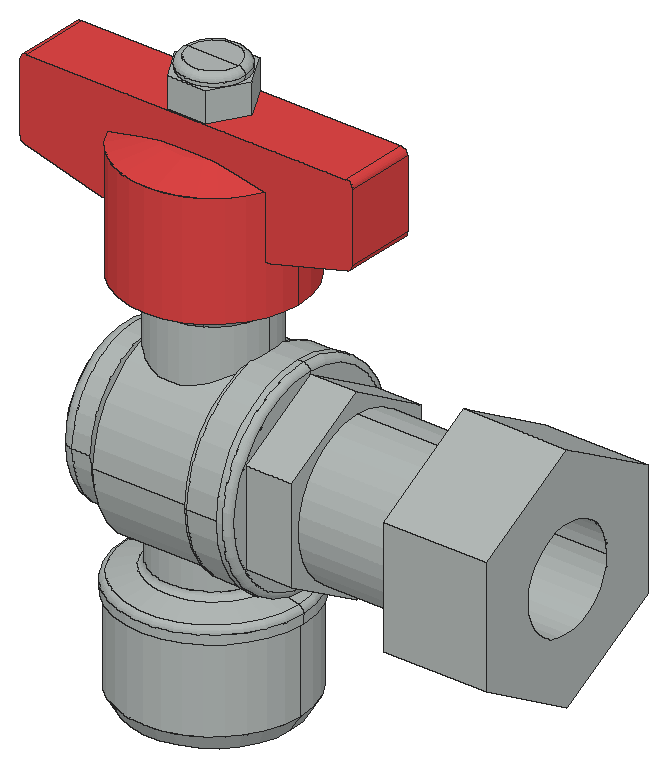
Revit family "QD50050000", category Apparecchi idraulici, Revit 2020
Family settings
  Quota connettore circolare = Usa diametro
  Tipo di parte = Normale
  Numero OmniClass = 23.45.00.00
  Titolo OmniClass = Sanitary, Laundry, and Cleaning Equipment
  Basato su piano di lavoro = No
  Sempre verticale = Sì
  Taglio con vuoti quando caricato = No
  Condiviso = No
  Punto di calcolo locali = No
Parameters
  URL = "https://web.cimberio.com/index.php/figura/295?subcategoria_id="
  Temperatura di esercizio = "-20 ÷ 65°C (servizio continuo) 90° (picchi di1 h) secondo EN 13959"
  Prospetto di default = 0 mm
  Produttore = "CIMBERIO SPA"
  Pressione nominale = "PN 16"
  Modello = "Cim 290NR"
  Materiale = "Prodotto in lega di ottone conforme alla norma EN 12165-CW617N-DW"
  Descrizione = "Utilizzato nei più svariati settori dell'impiantistica: reti di distribuzione acqua potabile, impianti di riscaldamento, condizionamento, igienico-sanitari e in generale con ogni fluido non corrosivo"
  DN Model [instance] = QD50052124 : QD50052124
  DN [instance] = 15 mm
  Commenti sul tipo = "Realizzato in ottemperanza ai requisiti gestionali della norma EN ISO 9001.\r\nCollaudato al 100% secondo la normativa EN 12266-1"
Reference planes
  plane 1 "Centro (Fronte/Retro)": y = 0
  plane 2: z = 0
  plane 3 "Centro (Sinistra/Destra)": x = 0
Dimensions and locks
  aligned and locked: level to plane 2
Nested families
  nested 1: "QD50052124" at (0, 0, 0), type <- "DN Model", type "QD50052124"
  nested 2: "QD50052124" at (0, 0, 0), type <- "DN Model", type "QD50052124"
  nested 3: "QD50052124" at (0, 0, 0), type <- "DN Model", type "QD50052124"
Connectors
  piping at (53.2, 0, 0), diameter 15, driven by "DN"
    settings: on nested 1, index 1, connector inside diameter 609.6 mm, connector length 0 mm, flow factor 0, pipe flow 0.0 L/s, pressure drop 0.0 Pa, fitting loss kfactor 0, connector angle 0.00°, fixture units 0, engagement length 0 mm, angle of deflection 0.00°, flow configuration 0, flow direction 0, fitting loss method 0, system type 7, joint type 0, gender type 0, connector reference index -1, connector utility 0, adjustable connector no, is connector primary yes, connector description ""
Definition of nested family "QD50052124"
  Parameters (values of type "QD50052124")
    URL = "https://web.cimberio.it/index.php/figura/394?subcategoria_id="
    Temperatura di esercizio = "-10 ÷ 95°C"
    Default Elevation = 0 mm
    Manufacturer = "CIMBERIO SPA"
    Pressione nominale = "PN 16"
    Model = "Cim 32"
    Materiale = "Prodotto in lega di ottone conforme alla norma EN 12165-CW617N-DW"
    Description = "Impiegato nei più svariati settori dell'impiantistica in condutture anti-ritorno per: reti di distribuzione acqua potabile, impianti di riscaldamento, condizionamento, igienico-sanitari e in generale con ogni fluido non corrosivo."
    Type Comments = "Realizzato in ottemperanza ai requisiti gestionali della norma EN ISO 9001.\r\nCollaudato al 100% secondo la normativa EN 12266-1"
  Reference planes
    plane 1 "Centro (Fronte/Retro)": y = 0
    plane 2: z = 0
    plane 3 "Centro (Sinistra/Destra)": x = 0
  Forms (mm)
    Revolve 1, solid
      sketch origin (0, 0, 0) x (1, 0, 0) y (0, 0, 1)
        loop
          line (-12.6, 0) -> (-12.6, 9.5) -> (-14.004, 9.5)
          arc (-14.004, 9.5) -> (-14.679, 9.238) -> (-15, 8.588) r 1
          line (-15, 8.588) -> (-15.751, 0) -> (-12.6, 0)
        axis (-15.751, 0) -> (-12.6, 0)
      angle from 0 to 360
    Extrusion 2, solid
      sketch origin (0, 0, 0) x (0, 1, 0) y (0, 0, 1)
        loop
          circle (0, 0) r 7.5
        loop
          line (0, 14) -> (-12.124, 7) -> (-12.124, -7) -> (0, -14) -> (12.124, -7) -> (12.124, 7) -> (0, 14)
      from 14.5 to 21.5
    Revolve 3, solid
      sketch origin (7, 0, 0) x (1, 0, 0) y (0, 0, 1)
        loop
          line (30.7, 11.1) -> (14.5, 11.1) -> (14.5, 7.5) -> (30.7, 7.5) -> (30.7, 11.1)
        axis (14.5, 0) -> (30.7, 0)
      angle from 0 to 360
    Extrusion 4, solid
      sketch origin (0, 0, 0) x (0, 1, 0) y (0, 0, 1)
        loop
          circle (0, 0) r 7.5
        loop
          line (0, 17.4) -> (-15.069, 8.7) -> (-15.069, -8.7) -> (0, -17.4) -> (15.069, -8.7) -> (15.069, 8.7) -> (0, 17.4)
      from 37.7 to 53.2
    Revolve 5, solid
      sketch origin (0, 0, 0) x (1, 0, 0) y (0, 0, 1)
        loop
          line (-9, 26.168) -> (-9, 20.867)
          arc (-9, 20.867) -> (-8.866, 20.366) -> (-8.5, 20) r 1
          line (-8.5, 20) -> (-8.5, 11.674) -> (-0.999, 11.674) -> (-0.999, 26.168) -> (-9, 26.168)
        axis (-0.063, 26.168) -> (-0.063, 11.674)
      angle from 0 to 360
    Revolve 6, solid
      sketch origin (0, 0, 0) x (1, 0, 0) y (0, 0, 1)
        loop
          line (-12.882, 22.8) -> (0, 22.8) -> (0, 41.574)
          arc (0, 41.574) -> (-6.528, 41.282) -> (-12.882, 39.754) r 34.224
          line (-12.882, 39.754) -> (-12.882, 22.8)
        axis (0, 41.574) -> (0, 22.8)
      angle from 0 to 360
    Revolve 7, solid
      sketch origin (0, 0, 0) x (1, 0, 0) y (0, 0, 1)
        loop
          line (0, 49.392) -> (4.75, 49.392) -> (4.75, 50.768)
          arc (4.75, 50.768) -> (4.448, 51.498) -> (3.718, 51.8) r 1.032
          line (3.718, 51.8) -> (0, 51.8) -> (0, 49.392)
        axis (0, 51.8) -> (0, 49.392)
      angle from 0 to 360
    Extrusion 8, solid
      sketch origin (0, 0, 0) x (1, 0, 0) y (0, 0, 1)
        loop
          arc (-24, 45.8) -> (-24.707, 45.507) -> (-25, 44.8) r 1
          line (-25, 44.8) -> (-25, 34.567)
          arc (-25, 34.567) -> (-24.793, 33.959) -> (-24.259, 33.601) r 1
          line (-24.259, 33.601) -> (-12.721, 30.51) -> (12.721, 30.51) -> (24.259, 33.601)
          arc (24.259, 33.601) -> (24.793, 33.959) -> (25, 34.567) r 1
          line (25, 34.567) -> (25, 44.8)
          arc (25, 44.8) -> (24.707, 45.507) -> (24, 45.8) r 1
          line (24, 45.8) -> (-24, 45.8)
      from -5.184 to 5.128
    Extrusion 9, solid
      sketch origin (0, 0, 0) x (1, 0, 0) y (0, 1, 0)
        loop
          line (5.771, 0) -> (2.886, 4.998) -> (-2.886, 4.998) -> (-5.771, 0) -> (-2.886, -4.998) -> (2.886, -4.998) -> (5.771, 0)
      from 45.8 to 50.3
    Revolve 10, solid
      sketch origin (0, 0, 0) x (1, 0, 0) y (0, 0, 1)
        loop
          line (13.5, 15.25) -> (12.6, 15.25) -> (12.6, 7.5) -> (14.5, 7.5) -> (14.5, 14.249)
          arc (14.5, 14.249) -> (14.207, 14.957) -> (13.5, 15.25) r 1
        axis (12.6, 0) -> (14.5, 0)
      angle from 0 to 360
    Revolve 11, solid
      sketch origin (0, 0, 0) x (1, 0, 0) y (0, 0, 1)
        loop
          line (-13.5, -20) -> (0, -20) -> (0, -9.398) -> (-8.25, -9.398) -> (-8.25, -15.792)
          arc (-8.25, -15.792) -> (-8.457, -16.401) -> (-8.991, -16.758) r 1
          line (-8.991, -16.758) -> (-12.759, -17.768)
          arc (-12.759, -17.768) -> (-13.293, -18.125) -> (-13.5, -18.734) r 1
          line (-13.5, -18.734) -> (-13.5, -20)
        axis (0, -9.398) -> (0, -20)
      angle from 0 to 360
    Revolve 12, solid
      sketch origin (0, 0, 0) x (1, 0, 0) y (0, 0, 1)
        loop
          line (-7.5, -20) -> (-13.125, -20) -> (-13.125, -32.666) -> (-11.682, -35) -> (-7.5, -35) -> (-7.5, -20)
        axis (0, -20) -> (0, -35)
      angle from 0 to 360
    Revolve 13, solid
      sketch origin (0, 0, 0) x (1, 0, 0) y (0, 1, 0)
        loop
          arc (-13.7, -10) -> (-13.114, -11.414) -> (-11.7, -12) r 2
          line (-11.7, -12) -> (-9, -12) -> (-6.7, -14.3) -> (7.394, -14.3)
          arc (7.394, -14.3) -> (7.538, -14.788) -> (8.001, -15) r 0.613
          line (8.001, -15) -> (12.6, -15) -> (12.6, -7.5) -> (-13.7, -7.5) -> (-13.7, -10)
        axis (-13.7, 0) -> (12.6, 0)
      angle from 0 to 360
  Dimensions and locks
    aligned and locked: level to plane 2
